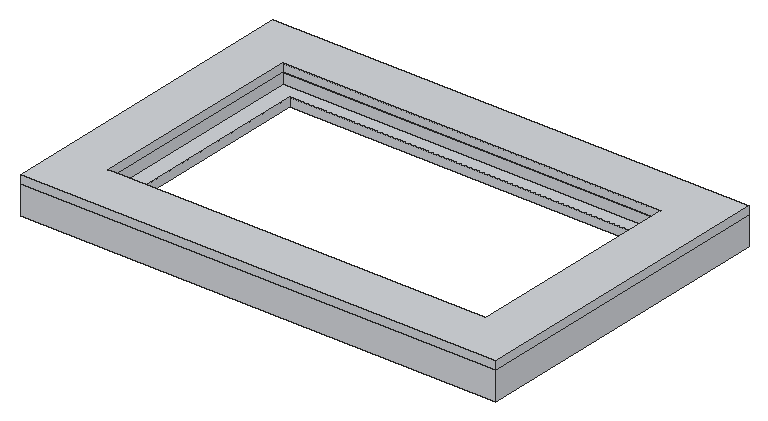
Revit family "Gira_100123", category Electrical Fixtures, host Face, Revit 2017
Family settings
  Host = Face
  Maintain Annotation Orientation = No
  Round Connector Dimension = Use Diameter
  Part Type = Normal
  Cut with Voids When Loaded = No
  Shared = No
  Room Calculation Point = No
Parameters (values of type "Cov.fr. 1.5-g Gira E2 anthra.")
  With mounting grid = "No"
  With hinged lid = "No"
  URL = "http://katalog.gira.de/en/datenblatt.html?artikelnr=100123"
  Type of fastening = "Clamp mounting"
  Transparent = "No"
  Surface protection = "Other"
  Suitable for wall duct = "No"
  Suitable for flush-mounted installation = "Yes"
  Suitable for floor box = "No"
  Suitable for built-in installation = "No"
  Number of units vertical = "1,5"
  Number of units horizontal = "1,5"
  Number of units = "1"
  Name = "Cov.fr. 1.5-g Gira E2 anthra."
  Mounting direction = "Horizontal and vertical"
  Material quality = "Thermoplastic"
  Material = "Plastic"
  Manufacturer URL = "https://www.gira.de/"
  Manufacturer = "Gira"
  Label space/information surface = "No"
  Keynote = ""
  HeinzeBIM = "https://bimportal.heinze.de/bim/cov-fr-1-5-g-gira-e2-anthra-/3806c40db7ad4accf941dbe1978465deef5624d7"
  Halogen free = "Yes"
  HAN = "100123"
  GTIN = "4010337881339"
  Description = "Cov.fr.1.5g E2 AN,Gira E2 cover frame,anthracite,1.5-gang,Features:,- Shatter-proof.,,Notes :,- Also suitable for duct installation.,- In connection with the seal kit, frame (1-gang to 5-gang) is also suitable for installation as water-protected flush-mounted IP44."
  Degree of protection (IP) = "IP20"
  Default Elevation = 1219.2 mm
  Data sheet (1) = "https://katalog.gira.de/en/download.html?artikelnr=100123"
  Colour = "Anthracite"
  Category = "Cover frame for domestic switching devices"
  BIM (1) = "https://media.stage.bim.site/public/gira/36a6b08/E2-Rahmen_1,5fach.rfa"
  Available = "No"
Reference planes
  plane 1 "Center (Front/Back)": y = 0
  plane 2: z = 0
  plane 3 "Center (Left/Right)": x = 0
Forms (mm)
  Extrusion 1, solid, detail levels fine
    sketch origin (0, 0, 0) x (1, 0, 0) y (0, 1, 0)
      loop
        line (60.721, 40.421) -> (-60.721, 40.421) -> (-60.721, -40.421) -> (60.721, -40.421) -> (60.721, 40.421)
      loop
        line (-48.3, -28) -> (48.3, -28) -> (48.3, 28) -> (-48.3, 28) -> (-48.3, -28)
    from 7.3 to 9.3
  Extrusion 2, solid, detail levels fine
    sketch origin (0, 0, 0) x (1, 0, 0) y (0, 1, 0)
      loop
        line (-60.721, 40.421) -> (-60.721, -40.421) -> (60.721, -40.421) -> (60.721, 40.421) -> (-60.721, 40.421)
      loop
        line (-58.919, -38.619) -> (58.919, -38.619) -> (58.919, 38.619) -> (-58.919, 38.619) -> (-58.919, -38.619)
    from 0 to 7.3
  Extrusion 3, solid, detail levels fine
    sketch origin (0, 0, 0) x (1, 0, 0) y (0, 1, 0)
      loop
        line (-44, -24.75) -> (44, -24.75) -> (44, 24.75) -> (-44, 24.75) -> (-44, -24.75)
      loop
        line (-48.3, -28) -> (48.3, -28) -> (48.3, 28) -> (-48.3, 28) -> (-48.3, -28)
    from 2.2 to 4.5
  Extrusion 4, solid, detail levels fine
    sketch origin (0, 0, 0) x (1, 0, 0) y (0, 1, 0)
      loop
        line (49.78, -27.48) -> (49.78, 27.48)
        spline (49.78, 27.48) -> (49.763, 27.741) -> (49.712, 27.998) -> (49.628, 28.245) -> (49.512, 28.48) -> (49.367, 28.698) -> (49.194, 28.894) -> (48.998, 29.067) -> (48.78, 29.212) -> (48.545, 29.328) -> (48.298, 29.412) -> (48.041, 29.463) -> (47.78, 29.48)
        line (47.78, 29.48) -> (-47.78, 29.48)
        spline (-47.78, 29.48) -> (-48.041, 29.463) -> (-48.298, 29.412) -> (-48.545, 29.328) -> (-48.78, 29.212) -> (-48.998, 29.067) -> (-49.194, 28.894) -> (-49.367, 28.698) -> (-49.512, 28.48) -> (-49.628, 28.245) -> (-49.712, 27.998) -> (-49.763, 27.741) -> (-49.78, 27.48)
        line (-49.78, 27.48) -> (-49.78, -27.48)
        spline (-49.78, -27.48) -> (-49.763, -27.741) -> (-49.712, -27.998) -> (-49.628, -28.245) -> (-49.512, -28.48) -> (-49.367, -28.698) -> (-49.194, -28.894) -> (-48.998, -29.067) -> (-48.78, -29.212) -> (-48.545, -29.328) -> (-48.298, -29.412) -> (-48.041, -29.463) -> (-47.78, -29.48)
        line (-47.78, -29.48) -> (47.78, -29.48)
        spline (47.78, -29.48) -> (48.041, -29.463) -> (48.298, -29.412) -> (48.545, -29.328) -> (48.78, -29.212) -> (48.998, -29.067) -> (49.194, -28.894) -> (49.367, -28.698) -> (49.512, -28.48) -> (49.628, -28.245) -> (49.712, -27.998) -> (49.763, -27.741) -> (49.78, -27.48)
      loop
        line (-48.3, -28) -> (48.3, -28) -> (48.3, 28) -> (-48.3, 28) -> (-48.3, -28)
    from 2.2 to 7.3
  Extrusion 5, solid, detail levels coarse+medium
    sketch origin (0, 0, 0) x (1, 0, 0) y (0, 1, 0)
      loop
        line (-60.721, 40.421) -> (-60.721, -40.421) -> (60.721, -40.421) -> (60.721, 40.421) -> (-60.721, 40.421)
    from 0 to 9.3
Dimensions and locks
  aligned and locked: plane 2 to host face
  aligned and locked: level to host face
